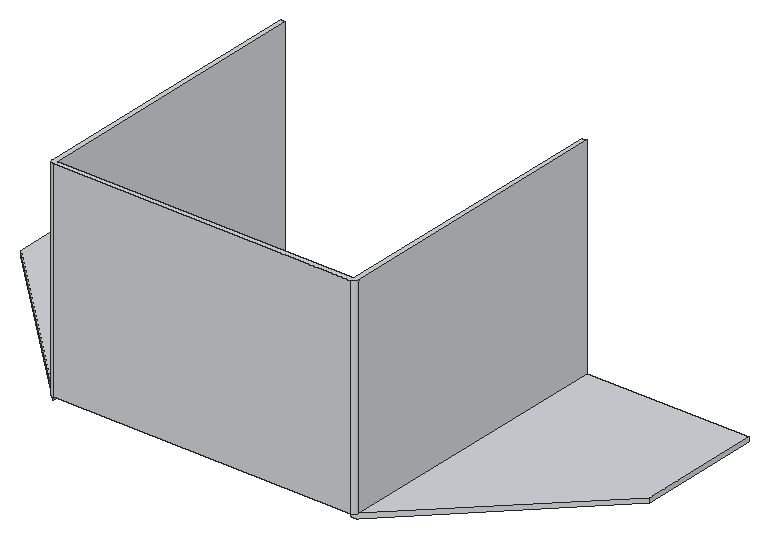
Revit family "JOMA_Balksko Special_70 ̸ 90", category Structural Connections, host Face, Revit 2012
Parameters (values of type "70/90")
  Y = 90 mm
  Typ 70 ̸ 90 = yes
  Typ = "TYP 70/90"
  Spikmönster [instance] = no
  Spik/skruv i sekundär [instance] = "ANKARSPIK 4,0x40"
  Spik/skruv i primär [instance] = "ANKARSPIK 4,0x60"
  Material = Varmförzinkad stålplåt
  Länk Joma Dimensioneringsverktyg = "http://www.joma.se/dimensioneringsverktyg"
  H500 = H500 : H500
  H480 = H480 : H480
  H460 = H460 : H460
  H440 = H440 : H440
  H420 = H420 : H420
  H400 = H400 : H400
  H380 = H380 : H380
  H360 = H360 : H360
  H340 = H340 : H340
  H320 = H320 : H320
  H300 = H300 : H300
  H280 = H280 : H280
  H260 = H260 : H260
  H240 = H240 : H240
  H220 = H220 : H220
  H200 = H200 : H200
  H180 = H180 : H180
  H160 = H160 : H160
  H140 = H140 : H140
  H120 = H120 : H120
  H [instance] = H120 : H120
  Default Elevation = 1219.2 mm
  X = 70 mm
  B [instance] = 125 mm
  Antal spik/skruv i sekundär [instance] = if(and(Typ 70 ̸ 90, Spikmönster, H = H500), 106, if(and(Typ 70 ̸ 90, Spikmönster, H = H480), 102, if(and(Typ 70 ̸ 90, Spikmönster, H = H460), 96, if(and(Typ 70 ̸ 90, Spikmönster, H = H440), 90, if(and(Typ 70 ̸ 90, Spikmönster, H = H420), 84, if(and(Typ 70 ̸ 90, Spikmönster, H = H400), 78, if(and(Typ 70 ̸ 90, Spikmönster, H = H380), 72, if(and(Typ 70 ̸ 90, Spikmönster, H = H360), 68, if(and(Typ 70 ̸ 90, Spikmönster, H = H340), 62, if(and(Typ 70 ̸ 90, Spikmönster, H = H320), 56, if(and(Typ 70 ̸ 90, Spikmönster, H = H300), 52, if(and(Typ 70 ̸ 90, Spikmönster, H = H280), 46, if(and(Typ 70 ̸ 90, Spikmönster, H = H260), 40, if(and(Typ 70 ̸ 90, Spikmönster, H = H240), 36, if(and(Typ 70 ̸ 90, Spikmönster, H = H220), 30, if(and(Typ 70 ̸ 90, Spikmönster, H = H200), 26, if(and(Typ 70 ̸ 90, Spikmönster, H = H180), 20, if(and(Typ 70 ̸ 90, Spikmönster, H = H160), 16, if(and(Typ 70 ̸ 90, Spikmönster, H = H140), 14, if(and(Typ 70 ̸ 90, Spikmönster, H = H120), 10, 0))))))))))))))))))))  # 0
  Antal spik/skruv i primär [instance] = if(and(Typ 70 ̸ 90, Spikmönster, H = H500), 134, if(and(Typ 70 ̸ 90, Spikmönster, H = H480), 128, if(and(Typ 70 ̸ 90, Spikmönster, H = H460), 122, if(and(Typ 70 ̸ 90, Spikmönster, H = H440), 116, if(and(Typ 70 ̸ 90, Spikmönster, H = H420), 110, if(and(Typ 70 ̸ 90, Spikmönster, H = H400), 104, if(and(Typ 70 ̸ 90, Spikmönster, H = H380), 98, if(and(Typ 70 ̸ 90, Spikmönster, H = H360), 92, if(and(Typ 70 ̸ 90, Spikmönster, H = H340), 86, if(and(Typ 70 ̸ 90, Spikmönster, H = H320), 80, if(and(Typ 70 ̸ 90, Spikmönster, H = H300), 74, if(and(Typ 70 ̸ 90, Spikmönster, H = H280), 68, if(and(Typ 70 ̸ 90, Spikmönster, H = H260), 62, if(and(Typ 70 ̸ 90, Spikmönster, H = H240), 56, if(and(Typ 70 ̸ 90, Spikmönster, H = H220), 50, if(and(Typ 70 ̸ 90, Spikmönster, H = H200), 44, if(and(Typ 70 ̸ 90, Spikmönster, H = H180), 38, if(and(Typ 70 ̸ 90, Spikmönster, H = H160), 32, if(and(Typ 70 ̸ 90, Spikmönster, H = H140), 26, if(and(Typ 70 ̸ 90, Spikmönster, H = H120), 20, 0))))))))))))))))))))  # 0
Reference planes
  plane 1 "Center (Front/Back)": y = 0
  plane 2: z = 0
  plane 3 "Center (Left/Right)": x = 0
  plane 4: x = -62.5
  plane 5: x = 62.5
  plane 6: x = -64.5
  plane 7: x = 64.5
  plane 8: y = 180
  plane 9: z = 2
  plane 10: y = -2
  plane 11: y = 68
  plane 12: x = 132.5
  plane 13: x = -132.5
  plane 14: z = 90
Dimensions and locks
  equal spacing: plane 4, plane 3 "Center (Left/Right)", plane 5
  "B": plane 4 to plane 5
  plane 6 to plane 4 = 2 mm
  plane 5 to plane 7 = 2 mm
  plane 9 to host face = 2 mm
  "X": plane 10 to plane 11
  "X": plane 5 to plane 12
  "X": plane 13 to plane 4
  "Y": plane 14 to host face
  locked: plane 10 to plane 1 "Center (Front/Back)" at 2
  plane 1 "Center (Front/Back)" to plane 8 = 180 mm
  nested 1 to plane 1 "Center (Front/Back)" = 120 mm
  aligned and locked: plane 2 to host face
  aligned and locked: level to host face
  aligned and locked: plane 10 to nested 1
  aligned and locked: plane 3 "Center (Left/Right)" to nested 1
Automatic sketch dimensions
  host sketch curve to host sketch curve = 2438.4 mm  (x2)
Nested families
  nested 1: "H120" at (0, 0, 0), type <- "H", B <- "B", Spikmönster <- "Spikmönster", type "H120"
    with Typ 70⁄90 Spikmönster no, Spikmönster no, H 120 mm, B 125 mm
Definition of nested family "H120"
  Parameters (values of type "H120")
    Y = 90 mm
    Typ 70⁄90 = yes
    Typ 70⁄90 Spikmönster [instance] = and(Typ 70⁄90, Spikmönster)  # no
    Spikmönster [instance] = no
    Länk Joma Dimensioneringsverktyg = "http://www.joma.se/dimensioneringsverktyg"
    H [instance] = 120 mm
    Default Elevation = 1219.2 mm
    X = 70 mm
    B [instance] = 120 mm
  Reference planes
    plane 1 "Center (Front/Back)": y = 0
    plane 2: z = 0
    plane 3 "Center (Left/Right)": x = 0
    plane 4: x = -60
    plane 5: x = 60
    plane 6: x = -62
    plane 7: x = 62
    plane 8: y = 120
    plane 9: z = 2
    plane 10: y = -2
    plane 11: y = 68
    plane 12: x = 130
    plane 13: x = -130
    plane 14: z = 90
  Forms (mm)
    Extrusion 1, solid
      sketch origin (0, 0, 0) x (1, 0, 0) y (0, 1, 0)
        loop
          line (-1219.2, 1219.2) -> (-1219.2, -1219.2) -> (1219.2, -1219.2) -> (1219.2, 1219.2) -> (-1219.2, 1219.2)
      from 0 to -304.8
    Extrusion 2, solid
      sketch origin (0, 0, 0) x (1, 0, 0) y (0, 1, 0)
        loop
          line (-60, 120) -> (-62, 120) -> (-62, 0)
          arc (-62, 0) -> (-61.414, -1.414) -> (-60, -2) r 2
          line (-60, -2) -> (60.004, -2)
          arc (60.004, -2) -> (61.415, -1.415) -> (62, -0.004) r 1.996
          line (62, -0.004) -> (62, 120) -> (60, 120) -> (60, 0) -> (-60, 0) -> (-60, 120)
      from 2 to 90
    Extrusion 3, solid
      sketch origin (0, 0, 0) x (1, 0, 0) y (0, 1, 0)
        loop
          line (60, 120) -> (60, -2) -> (130, -2) -> (130, 120) -> (60, 120)
      from 0 to 2
    Extrusion 4, void
      sketch origin (0, 0, 0) x (1, 0, 0) y (0, 1, 0)
        loop
          line (60, -2) -> (130, -2) -> (130, 68) -> (60, -2)
      from 0 to 2
    Extrusion 5, solid
      sketch origin (0, 0, 0) x (-1, 0, 0) y (0, -1, 0)
        loop
          line (60, -120) -> (130, -120) -> (130, 2) -> (60, 2) -> (60, -120)
      from 0 to 2
    Extrusion 6, void
      sketch origin (0, 0, 0) x (1, 0, 0) y (0, 1, 0)
        loop
          line (-60, -2) -> (-130, 68) -> (-130, -2) -> (-60, -2)
      from 0 to 250
    Extrusion 7, void
      sketch origin (0, 0, 0) x (1, 0, 0) y (0, 0, 1)
        loop
          arc (62, 0) -> (60.586, 0.586) -> (60, 2) r 2
          line (60, 2) -> (60, 0) -> (62, 0)
      from -120 to 2
    Extrusion 8, void
      sketch origin (0, 0, 0) x (1, 0, 0) y (0, 0, 1)
        loop
          arc (-60, 2) -> (-60.586, 0.586) -> (-62, 0) r 2
          line (-62, 0) -> (-60, 0) -> (-60, 2)
      from -120 to 2
  Cuts and joins
    Extrusion 4, Extrusion 7 cuts Extrusion 3
    Extrusion 6, Extrusion 8 cuts Extrusion 5
    joined: Extrusion 2, Extrusion 3, Extrusion 5
  Lines and regions (mm)
    symbolic lines, visible <- "Typ 70⁄90"
      curve 1: circle (120, 110, 0) r 2.5 normal (0, 0, 1)
      curve 2: circle (120, 90, 0) r 2.5 normal (0, 0, 1)
      curve 3: circle (120, 70, 0) r 2.5 normal (0, 0, 1)
      curve 4: circle (100, 100, 0) r 2.5 normal (0, 0, 1)
      curve 5: circle (100, 80, 0) r 2.5 normal (0, 0, 1)
      curve 6: circle (100, 60, 0) r 2.5 normal (0, 0, 1)
      curve 7: circle (80, 110, 0) r 2.5 normal (0, 0, 1)
      curve 8: circle (80, 90, 0) r 2.5 normal (0, 0, 1)
      curve 9: circle (80, 70, 0) r 2.5 normal (0, 0, 1)
      curve 10: circle (80, 50, 0) r 2.5 normal (0, 0, 1)
      curve 21: circle (80, 30, 0) r 2.5 normal (0, 0, 1)
      curve 23: circle (-120, 110, 0) r 2.5 normal (0, 0, -1)
      curve 24: circle (-120, 90, 0) r 2.5 normal (0, 0, -1)
      curve 25: circle (-120, 70, 0) r 2.5 normal (0, 0, -1)
      curve 26: circle (-100, 100, 0) r 2.5 normal (0, 0, -1)
      curve 27: circle (-100, 80, 0) r 2.5 normal (0, 0, -1)
      curve 28: circle (-100, 60, 0) r 2.5 normal (0, 0, -1)
      curve 29: circle (-80, 110, 0) r 2.5 normal (0, 0, -1)
      curve 30: circle (-80, 90, 0) r 2.5 normal (0, 0, -1)
      curve 31: circle (-80, 70, 0) r 2.5 normal (0, 0, -1)
      curve 32: circle (-80, 50, 0) r 2.5 normal (0, 0, -1)
      curve 33: circle (-80, 30, 0) r 2.5 normal (0, 0, -1)
    symbolic lines, visible <- "Typ 70⁄90", not visible
      curve 11: circle (120, 110, 0) r 2.5 normal (0, 0, 1)
      curve 12: circle (120, 90, 0) r 2.5 normal (0, 0, 1)
      curve 13: circle (120, 70, 0) r 2.5 normal (0, 0, 1)
      curve 14: circle (100, 100, 0) r 2.5 normal (0, 0, 1)
      curve 15: circle (100, 80, 0) r 2.5 normal (0, 0, 1)
      curve 16: circle (100, 60, 0) r 2.5 normal (0, 0, 1)
      curve 17: circle (80, 110, 0) r 2.5 normal (0, 0, 1)
      curve 18: circle (80, 90, 0) r 2.5 normal (0, 0, 1)
      curve 19: circle (80, 70, 0) r 2.5 normal (0, 0, 1)
      curve 20: circle (80, 50, 0) r 2.5 normal (0, 0, 1)
      curve 22: circle (80, 30, 0) r 2.5 normal (0, 0, 1)
      curve 34: circle (-120, 490, 0) r 2.5 normal (0, 0, -1)
      curve 35: circle (-120, 470, 0) r 2.5 normal (0, 0, -1)
      curve 36: circle (-120, 450, 0) r 2.5 normal (0, 0, -1)
      curve 37: circle (-100, 480, 0) r 2.5 normal (0, 0, -1)
      curve 38: circle (-100, 460, 0) r 2.5 normal (0, 0, -1)
      curve 39: circle (-100, 440, 0) r 2.5 normal (0, 0, -1)
      curve 40: circle (-80, 490, 0) r 2.5 normal (0, 0, -1)
      curve 41: circle (-80, 470, 0) r 2.5 normal (0, 0, -1)
      curve 42: circle (-80, 450, 0) r 2.5 normal (0, 0, -1)
      curve 43: circle (-80, 430, 0) r 2.5 normal (0, 0, -1)
      curve 44: circle (-80, 410, 0) r 2.5 normal (0, 0, -1)
    symbolic lines, style "StructConnections", visible <- "Typ 70⁄90"
      curve 45: circle (0, 110, 80) r 2.5 normal (1, 0, 0)
      curve 46: circle (0, 100, 60) r 2.5 normal (1, 0, 0)
      curve 47: circle (0, 110, 40) r 2.5 normal (1, 0, 0)
      curve 48: circle (0, 90, 80) r 2.5 normal (1, 0, 0)
      curve 49: circle (0, 80, 60) r 2.5 normal (1, 0, 0)
      curve 50: circle (0, 90, 40) r 2.5 normal (1, 0, 0)
      curve 51: circle (0, 70, 80) r 2.5 normal (1, 0, 0)
      curve 52: circle (0, 60, 60) r 2.5 normal (1, 0, 0)
      curve 53: circle (0, 70, 40) r 2.5 normal (1, 0, 0)
      curve 54: circle (0, 50, 80) r 2.5 normal (1, 0, 0)
      curve 55: circle (0, 40, 60) r 2.5 normal (1, 0, 0)
      curve 56: circle (0, 50, 40) r 2.5 normal (1, 0, 0)
      curve 57: circle (0, 30, 80) r 2.5 normal (1, 0, 0)
      curve 58: circle (0, 20, 60) r 2.5 normal (1, 0, 0)
      curve 59: circle (0, 30, 40) r 2.5 normal (1, 0, 0)
    symbolic lines, style "StructConnections", visible <- "Typ 70⁄90", not visible
      curve 60: circle (0, 490, 80) r 2.5 normal (1, 0, 0)
      curve 61: circle (0, 480, 60) r 2.5 normal (1, 0, 0)
      curve 62: circle (0, 490, 40) r 2.5 normal (1, 0, 0)
      curve 63: circle (0, 470, 80) r 2.5 normal (1, 0, 0)
      curve 64: circle (0, 460, 60) r 2.5 normal (1, 0, 0)
      curve 65: circle (0, 470, 40) r 2.5 normal (1, 0, 0)
      curve 66: circle (0, 450, 80) r 2.5 normal (1, 0, 0)
      curve 67: circle (0, 440, 60) r 2.5 normal (1, 0, 0)
      curve 68: circle (0, 450, 40) r 2.5 normal (1, 0, 0)
      curve 69: circle (0, 430, 80) r 2.5 normal (1, 0, 0)
      curve 70: circle (0, 420, 60) r 2.5 normal (1, 0, 0)
      curve 71: circle (0, 430, 40) r 2.5 normal (1, 0, 0)
      curve 72: circle (0, 410, 80) r 2.5 normal (1, 0, 0)
      curve 73: circle (0, 400, 60) r 2.5 normal (1, 0, 0)
      curve 74: circle (0, 410, 40) r 2.5 normal (1, 0, 0)
  Dimensions and locks
    equal spacing: plane 4, plane 3 "Center (Left/Right)", plane 5
    "B": plane 4 to plane 5
    plane 6 to plane 4 = 2 mm
    plane 5 to plane 7 = 2 mm
    plane 9 to Extrusion 1 = 2 mm
    "X": plane 10 to plane 11
    "X": plane 5 to plane 12
    "X": plane 13 to plane 4
    "Y": plane 14 to Extrusion 1
    locked: plane 10 to plane 1 "Center (Front/Back)" at 2
    "H": plane 1 "Center (Front/Back)" to plane 8
    locked: curve 1 to plane 12 at 10
    locked: plane 8 to curve 1 at 10
    locked: plane 8 to curve 29 at 10
    locked: plane 13 to curve 23 at 10
    locked: plane 8 to curve 45 at 10
    locked: plane 14 to curve 45 at 10
    aligned and locked: plane 2 to Extrusion 1
    aligned and locked: level to Extrusion 1
    aligned and locked: Extrusion 2 to plane 6
    aligned and locked: plane 8 to Extrusion 2  (x2)
    aligned and locked: plane 7 to Extrusion 2
    aligned and locked: Extrusion 2 to plane 5
    aligned and locked: Extrusion 2 to plane 1 "Center (Front/Back)"
    aligned and locked: plane 4 to Extrusion 2
    aligned and locked: Extrusion 7 to plane 5
    aligned and locked: Extrusion 7 to level
    aligned and locked: plane 8 to Extrusion 7
    aligned and locked: plane 10 to Extrusion 7
    aligned and locked: Extrusion 5 to Extrusion 6
    aligned and locked: plane 8 to Extrusion 5
    aligned and locked: plane 4 to Extrusion 5
    aligned and locked: plane 10 to Extrusion 5
    aligned and locked: plane 13 to Extrusion 6
    aligned and locked: plane 10 to Extrusion 6
    aligned and locked: plane 4 to Extrusion 8
    aligned and locked: Extrusion 8 to level
    aligned and locked: Extrusion 7 to plane 2
    aligned and locked: plane 8 to Extrusion 8
    aligned and locked: plane 10 to Extrusion 8
    aligned and locked: plane 14 to Extrusion 2
  Automatic sketch dimensions
    Extrusion 1 sketch curve to Extrusion 1 sketch curve = 2438.4 mm  (x2)
    curve 8 to curve 7 = 0 mm
    curve 9 to curve 8 = 0 mm
    curve 10 to curve 9 = 0 mm
    curve 21 to curve 10 = 0 mm
    curve 5 to curve 6 = 0 mm
    curve 4 to curve 5 = 0 mm
    curve 2 to curve 3 = 0 mm
    curve 1 to curve 2 = 0 mm
    curve 21 to curve 10 = 20 mm
    curve 10 to curve 9 = 20 mm
    curve 6 to curve 5 = 20 mm
    curve 9 to curve 8 = 20 mm
    curve 3 to curve 2 = 20 mm
    curve 5 to curve 4 = 20 mm
    curve 2 to curve 1 = 20 mm
    curve 8 to curve 7 = 20 mm
    curve 18 to curve 17 = 0 mm
    curve 19 to curve 18 = 0 mm
    curve 20 to curve 19 = 0 mm
    curve 22 to curve 20 = 0 mm
    curve 15 to curve 16 = 0 mm
    curve 14 to curve 15 = 0 mm
    curve 12 to curve 13 = 0 mm
    curve 11 to curve 12 = 0 mm
    curve 22 to curve 20 = 20 mm
    curve 20 to curve 19 = 20 mm
    curve 16 to curve 15 = 20 mm
    curve 19 to curve 18 = 20 mm
    curve 13 to curve 12 = 20 mm
    curve 15 to curve 14 = 20 mm
    curve 12 to curve 11 = 20 mm
    curve 18 to curve 17 = 20 mm
    curve 30 to curve 29 = 20 mm  (x3)
    curve 31 to curve 30 = 20 mm  (x3)
    curve 32 to curve 31 = 20 mm  (x3)
    curve 33 to curve 32 = 20 mm  (x3)
    curve 27 to curve 28 = 20 mm
    curve 26 to curve 27 = 20 mm
    curve 24 to curve 25 = 20 mm
    curve 23 to curve 24 = 20 mm
    curve 28 to curve 27 = 20 mm  (x2)
    curve 25 to curve 24 = 20 mm  (x2)
    curve 27 to curve 26 = 20 mm  (x2)
    curve 24 to curve 23 = 20 mm  (x2)
    curve 41 to curve 40 = 20 mm  (x3)
    curve 42 to curve 41 = 20 mm  (x3)
    curve 43 to curve 42 = 20 mm  (x3)
    curve 44 to curve 43 = 20 mm  (x3)
    curve 38 to curve 39 = 20 mm
    curve 37 to curve 38 = 20 mm
    curve 35 to curve 36 = 20 mm
    curve 34 to curve 35 = 20 mm
    curve 39 to curve 38 = 20 mm  (x2)
    curve 36 to curve 35 = 20 mm  (x2)
    curve 38 to curve 37 = 20 mm  (x2)
    curve 35 to curve 34 = 20 mm  (x2)
    plane 1 "Center (Front/Back)" to Extrusion 2 sketch curve = 0 mm  (x2)
    Extrusion 2 sketch curve to plane 6 = 0 mm
    Extrusion 2 sketch curve to plane 4 = 0 mm  (x2)
    Extrusion 2 sketch curve to plane 5 = 0 mm
    Extrusion 2 sketch curve to plane 7 = 0 mm
    Extrusion 2 sketch curve to plane 8 = 0 mm  (x2)
    plane 5 to Extrusion 2 sketch curve = 0.004 mm
    Extrusion 3 sketch curve to plane 5 = 0 mm
    plane 10 to Extrusion 3 sketch curve = 0 mm
    Extrusion 3 sketch curve to plane 12 = 0 mm
    Extrusion 3 sketch curve to plane 8 = 0 mm
    Extrusion 4 sketch curve to plane 5 = 0 mm
    plane 10 to Extrusion 4 sketch curve = 0 mm
    Extrusion 4 sketch curve to plane 12 = 0 mm
    plane 11 to Extrusion 4 sketch curve = 0 mm
    Extrusion 5 sketch curve to plane 4 = 0 mm
    plane 10 to Extrusion 5 sketch curve = 0 mm
    Extrusion 5 sketch curve to plane 13 = 0 mm
    Extrusion 5 sketch curve to plane 8 = 0 mm
    Extrusion 7 sketch curve to level = 0 mm
    Extrusion 7 sketch curve to plane 5 = 0 mm
    Extrusion 7 sketch curve to plane 7 = 0 mm
    Extrusion 8 sketch curve to plane 6 = 0 mm
    Extrusion 8 sketch curve to level = 0 mm
    Extrusion 8 sketch curve to plane 4 = 0 mm
    curve 24 to curve 23 = 0 mm
    curve 25 to curve 24 = 0 mm
    curve 27 to curve 28 = 0 mm
    curve 26 to curve 27 = 0 mm
    curve 32 to curve 33 = 0 mm
    curve 31 to curve 32 = 0 mm
    curve 30 to curve 31 = 0 mm
    curve 29 to curve 30 = 0 mm
    curve 35 to curve 34 = 0 mm
    curve 36 to curve 35 = 0 mm
    curve 38 to curve 39 = 0 mm
    curve 37 to curve 38 = 0 mm
    curve 43 to curve 44 = 0 mm
    curve 42 to curve 43 = 0 mm
    curve 41 to curve 42 = 0 mm
    curve 40 to curve 41 = 0 mm
    curve 24 to curve 27 = 20 mm
    curve 35 to curve 38 = 20 mm
    curve 9 to curve 5 = 20 mm
    curve 19 to curve 15 = 20 mm
    curve 27 to curve 31 = 20 mm
    curve 38 to curve 42 = 20 mm
    curve 5 to curve 2 = 20 mm
    curve 10 to curve 6 = 10 mm
    curve 6 to curve 3 = 10 mm
    curve 15 to curve 12 = 20 mm
    curve 20 to curve 16 = 10 mm
    curve 16 to curve 13 = 10 mm
    curve 32 to curve 28 = 10 mm
    curve 28 to curve 25 = 10 mm
    curve 43 to curve 39 = 10 mm
    curve 39 to curve 36 = 10 mm
    curve 48 to curve 45 = 20 mm
    curve 48 to curve 45 = 0 mm
    curve 51 to curve 48 = 20 mm
    curve 51 to curve 48 = 0 mm
    curve 54 to curve 51 = 20 mm
    curve 54 to curve 51 = 0 mm
    curve 57 to curve 54 = 20 mm
    curve 57 to curve 54 = 0 mm
    curve 48 to curve 46 = 10 mm
    curve 46 to curve 48 = 20 mm
    curve 49 to curve 46 = 20 mm
    curve 49 to curve 46 = 0 mm
    curve 52 to curve 49 = 20 mm
    curve 52 to curve 49 = 0 mm
    curve 55 to curve 52 = 20 mm
    curve 55 to curve 52 = 0 mm
    curve 58 to curve 57 = 10 mm
    curve 58 to curve 55 = 0 mm
    curve 59 to curve 55 = 10 mm
    curve 59 to curve 46 = 20 mm
    curve 59 to curve 56 = 20 mm
    curve 59 to curve 56 = 0 mm
    curve 56 to curve 53 = 20 mm
    curve 56 to curve 53 = 0 mm
    curve 53 to curve 50 = 20 mm
    curve 53 to curve 50 = 0 mm
    curve 50 to curve 47 = 20 mm
    curve 50 to curve 47 = 0 mm
    curve 63 to curve 60 = 20 mm
    curve 63 to curve 60 = 0 mm
    curve 66 to curve 63 = 20 mm
    curve 66 to curve 63 = 0 mm
    curve 69 to curve 66 = 20 mm
    curve 69 to curve 66 = 0 mm
    curve 72 to curve 69 = 20 mm
    curve 72 to curve 69 = 0 mm
    curve 63 to curve 61 = 10 mm
    curve 61 to curve 63 = 20 mm
    curve 64 to curve 61 = 20 mm
    curve 64 to curve 61 = 0 mm
    curve 67 to curve 64 = 20 mm
    curve 67 to curve 64 = 0 mm
    curve 70 to curve 67 = 20 mm
    curve 70 to curve 67 = 0 mm
    curve 73 to curve 72 = 10 mm
    curve 73 to curve 70 = 0 mm
    curve 74 to curve 70 = 10 mm
    curve 74 to curve 61 = 20 mm
    curve 74 to curve 71 = 20 mm
    curve 74 to curve 71 = 0 mm
    curve 71 to curve 68 = 20 mm
    curve 71 to curve 68 = 0 mm
    curve 68 to curve 65 = 20 mm
    curve 68 to curve 65 = 0 mm
    curve 65 to curve 62 = 20 mm
    curve 65 to curve 62 = 0 mm
    plane 11 to Extrusion 6 sketch curve = 0 mm
    Extrusion 6 sketch curve to plane 13 = 0 mm
    Extrusion 6 sketch curve to plane 4 = 0 mm
    plane 10 to Extrusion 6 sketch curve = 0 mm
    radius of curve 1 = 2.5 mm
    radius of curve 2 = 2.5 mm
    radius of curve 3 = 2.5 mm
    radius of curve 4 = 2.5 mm
    radius of curve 5 = 2.5 mm
    radius of curve 6 = 2.5 mm
    radius of curve 7 = 2.5 mm
    radius of curve 8 = 2.5 mm
    radius of curve 9 = 2.5 mm
    radius of curve 10 = 2.5 mm
    radius of curve 21 = 2.5 mm
    radius of curve 11 = 2.5 mm
    radius of curve 12 = 2.5 mm
    radius of curve 13 = 2.5 mm
    radius of curve 14 = 2.5 mm
    radius of curve 15 = 2.5 mm
    radius of curve 16 = 2.5 mm
    radius of curve 17 = 2.5 mm
    radius of curve 18 = 2.5 mm
    radius of curve 19 = 2.5 mm
    radius of curve 20 = 2.5 mm
    radius of curve 22 = 2.5 mm
    radius of curve 23 = 2.5 mm  (x2)
    radius of curve 24 = 2.5 mm  (x2)
    radius of curve 25 = 2.5 mm  (x2)
    radius of curve 26 = 2.5 mm  (x2)
    radius of curve 27 = 2.5 mm  (x2)
    radius of curve 28 = 2.5 mm  (x2)
    radius of curve 29 = 2.5 mm  (x2)
    radius of curve 30 = 2.5 mm  (x2)
    radius of curve 31 = 2.5 mm  (x2)
    radius of curve 32 = 2.5 mm  (x2)
    radius of curve 33 = 2.5 mm  (x2)
    radius of curve 34 = 2.5 mm  (x2)
    radius of curve 35 = 2.5 mm  (x2)
    radius of curve 36 = 2.5 mm  (x2)
    radius of curve 37 = 2.5 mm  (x2)
    radius of curve 38 = 2.5 mm  (x2)
    radius of curve 39 = 2.5 mm  (x2)
    radius of curve 40 = 2.5 mm  (x2)
    radius of curve 41 = 2.5 mm  (x2)
    radius of curve 42 = 2.5 mm  (x2)
    radius of curve 43 = 2.5 mm  (x2)
    radius of curve 44 = 2.5 mm  (x2)
    radius of curve 45 = 2.5 mm
    radius of curve 48 = 2.5 mm
    radius of curve 51 = 2.5 mm
    radius of curve 54 = 2.5 mm
    radius of curve 57 = 2.5 mm
    radius of curve 46 = 2.5 mm
    radius of curve 49 = 2.5 mm
    radius of curve 52 = 2.5 mm
    radius of curve 55 = 2.5 mm
    radius of curve 58 = 2.5 mm
    radius of curve 59 = 2.5 mm
    radius of curve 56 = 2.5 mm
    radius of curve 53 = 2.5 mm
    radius of curve 50 = 2.5 mm
    radius of curve 47 = 2.5 mm
    radius of curve 60 = 2.5 mm
    radius of curve 63 = 2.5 mm
    radius of curve 66 = 2.5 mm
    radius of curve 69 = 2.5 mm
    radius of curve 72 = 2.5 mm
    radius of curve 61 = 2.5 mm
    radius of curve 64 = 2.5 mm
    radius of curve 67 = 2.5 mm
    radius of curve 70 = 2.5 mm
    radius of curve 73 = 2.5 mm
    radius of curve 74 = 2.5 mm
    radius of curve 71 = 2.5 mm
    radius of curve 68 = 2.5 mm
    radius of curve 65 = 2.5 mm
    radius of curve 62 = 2.5 mm
  Nested families
    nested 1: "Spikmönster" at (80, 110, 0), visible <- "Typ 70⁄90 Spikmönster", type "Ø5"
    nested 2: "Spikmönster" at (120, 110, 0), visible <- "Typ 70⁄90 Spikmönster", type "Ø5"
    nested 3: "Spikmönster" at (100, 100, 0), visible <- "Typ 70⁄90 Spikmönster", type "Ø5"
    nested 4: "Spikmönster" at (80, 90, 0), visible <- "Typ 70⁄90 Spikmönster", type "Ø5"
    nested 5: "Spikmönster" at (80, 70, 0), visible <- "Typ 70⁄90 Spikmönster", type "Ø5"
    nested 6: "Spikmönster" at (80, 50, 0), visible <- "Typ 70⁄90 Spikmönster", type "Ø5"
    nested 7: "Spikmönster" at (100, 80, 0), visible <- "Typ 70⁄90 Spikmönster", type "Ø5"
    nested 8: "Spikmönster" at (100, 60, 0), visible <- "Typ 70⁄90 Spikmönster", type "Ø5"
    nested 9: "Spikmönster" at (120, 90, 0), visible <- "Typ 70⁄90 Spikmönster", type "Ø5"
    nested 10: "Spikmönster" at (120, 70, 0), visible <- "Typ 70⁄90 Spikmönster", type "Ø5"
    nested 11: "Spikmönster" at (80, 110, 0), visible <- "Typ 70⁄90 Spikmönster", type "Ø5", not visible
    nested 12: "Spikmönster" at (120, 110, 0), visible <- "Typ 70⁄90 Spikmönster", type "Ø5", not visible
    nested 13: "Spikmönster" at (100, 100, 0), visible <- "Typ 70⁄90 Spikmönster", type "Ø5", not visible
    nested 14: "Spikmönster" at (80, 90, 0), visible <- "Typ 70⁄90 Spikmönster", type "Ø5", not visible
    nested 15: "Spikmönster" at (80, 70, 0), visible <- "Typ 70⁄90 Spikmönster", type "Ø5", not visible
    nested 16: "Spikmönster" at (80, 50, 0), visible <- "Typ 70⁄90 Spikmönster", type "Ø5", not visible
    nested 17: "Spikmönster" at (100, 80, 0), visible <- "Typ 70⁄90 Spikmönster", type "Ø5", not visible
    nested 18: "Spikmönster" at (100, 60, 0), visible <- "Typ 70⁄90 Spikmönster", type "Ø5", not visible
    nested 19: "Spikmönster" at (120, 90, 0), visible <- "Typ 70⁄90 Spikmönster", type "Ø5", not visible
    nested 20: "Spikmönster" at (120, 70, 0), visible <- "Typ 70⁄90 Spikmönster", type "Ø5", not visible
    nested 21: "Spikmönster" at (-80, 110, 0), visible <- "Typ 70⁄90 Spikmönster", type "Ø5"
    nested 22: "Spikmönster" at (-120, 110, 0), visible <- "Typ 70⁄90 Spikmönster", type "Ø5"
    nested 23: "Spikmönster" at (-100, 100, 0), visible <- "Typ 70⁄90 Spikmönster", type "Ø5"
    nested 24: "Spikmönster" at (-80, 90, 0), visible <- "Typ 70⁄90 Spikmönster", type "Ø5"
    nested 25: "Spikmönster" at (-80, 70, 0), visible <- "Typ 70⁄90 Spikmönster", type "Ø5"
    nested 26: "Spikmönster" at (-80, 50, 0), visible <- "Typ 70⁄90 Spikmönster", type "Ø5"
    nested 27: "Spikmönster" at (-100, 80, 0), visible <- "Typ 70⁄90 Spikmönster", type "Ø5"
    nested 28: "Spikmönster" at (-100, 60, 0), visible <- "Typ 70⁄90 Spikmönster", type "Ø5"
    nested 29: "Spikmönster" at (-120, 90, 0), visible <- "Typ 70⁄90 Spikmönster", type "Ø5"
    nested 30: "Spikmönster" at (-120, 70, 0), visible <- "Typ 70⁄90 Spikmönster", type "Ø5"
    nested 31: "Spikmönster" at (-80, 490, 0), visible <- "Typ 70⁄90 Spikmönster", type "Ø5", not visible
    nested 32: "Spikmönster" at (-120, 490, 0), visible <- "Typ 70⁄90 Spikmönster", type "Ø5", not visible
    nested 33: "Spikmönster" at (-100, 480, 0), visible <- "Typ 70⁄90 Spikmönster", type "Ø5", not visible
    nested 34: "Spikmönster" at (-80, 470, 0), visible <- "Typ 70⁄90 Spikmönster", type "Ø5", not visible
    nested 35: "Spikmönster" at (-80, 450, 0), visible <- "Typ 70⁄90 Spikmönster", type "Ø5", not visible
    nested 36: "Spikmönster" at (-80, 430, 0), visible <- "Typ 70⁄90 Spikmönster", type "Ø5", not visible
    nested 37: "Spikmönster" at (-100, 460, 0), visible <- "Typ 70⁄90 Spikmönster", type "Ø5", not visible
    nested 38: "Spikmönster" at (-100, 440, 0), visible <- "Typ 70⁄90 Spikmönster", type "Ø5", not visible
    nested 39: "Spikmönster" at (-120, 470, 0), visible <- "Typ 70⁄90 Spikmönster", type "Ø5", not visible
    nested 40: "Spikmönster" at (-120, 450, 0), visible <- "Typ 70⁄90 Spikmönster", type "Ø5", not visible
    nested 41: "Spikmönster" at (0, 110, 40) x (0, -1, 0) z (1, 0, 0), visible <- "Typ 70⁄90 Spikmönster", type "Ø5"
    nested 42: "Spikmönster" at (0, 90, 40) x (0, -1, 0) z (1, 0, 0), visible <- "Typ 70⁄90 Spikmönster", type "Ø5"
    nested 43: "Spikmönster" at (0, 70, 40) x (0, -1, 0) z (1, 0, 0), visible <- "Typ 70⁄90 Spikmönster", type "Ø5"
    nested 44: "Spikmönster" at (0, 50, 40) x (0, -1, 0) z (1, 0, 0), visible <- "Typ 70⁄90 Spikmönster", type "Ø5"
    nested 45: "Spikmönster" at (0, 30, 40) x (0, -1, 0) z (1, 0, 0), visible <- "Typ 70⁄90 Spikmönster", type "Ø5"
    nested 46: "Spikmönster" at (0, 490, 40) x (0, -1, 0) z (1, 0, 0), visible <- "Typ 70⁄90 Spikmönster", type "Ø5", not visible
    nested 47: "Spikmönster" at (0, 470, 40) x (0, -1, 0) z (1, 0, 0), visible <- "Typ 70⁄90 Spikmönster", type "Ø5", not visible
    nested 48: "Spikmönster" at (0, 450, 40) x (0, -1, 0) z (1, 0, 0), visible <- "Typ 70⁄90 Spikmönster", type "Ø5", not visible
    nested 49: "Spikmönster" at (0, 430, 40) x (0, -1, 0) z (1, 0, 0), visible <- "Typ 70⁄90 Spikmönster", type "Ø5", not visible
    nested 50: "Spikmönster" at (0, 410, 40) x (0, -1, 0) z (1, 0, 0), visible <- "Typ 70⁄90 Spikmönster", type "Ø5", not visible
  Definition of nested family "Spikmönster"
    Parameters (values of type "Ø11")
      Radie = 5.5 mm
    Types (3, lengths in mm): name | Radie
      (no name) | 5.5
      Ø5 | 2.5
      Ø11 | 5.5
    Reference planes
      plane 1 "Center (Front/Back)": y = 0
      plane 2: z = 0
      plane 3 "Center (Left/Right)": x = 0
    Lines and regions (mm)
      Filled region 1, type "Solid Fill - Black", in view "Ref. Level"
        outline origin (0, 0, 0) x (1, 0, 0) y (0, 1, 0)
          loop
            circle (0, 0) r 5.5
    Dimensions and locks
      "Radie": radius of Filled region 1 sketch curve
    Automatic sketch dimensions
      plane 1 "Center (Front/Back)" to Filled region 1 sketch curve = 0 mm
      Filled region 1 sketch curve to plane 3 "Center (Left/Right)" = 0 mm
